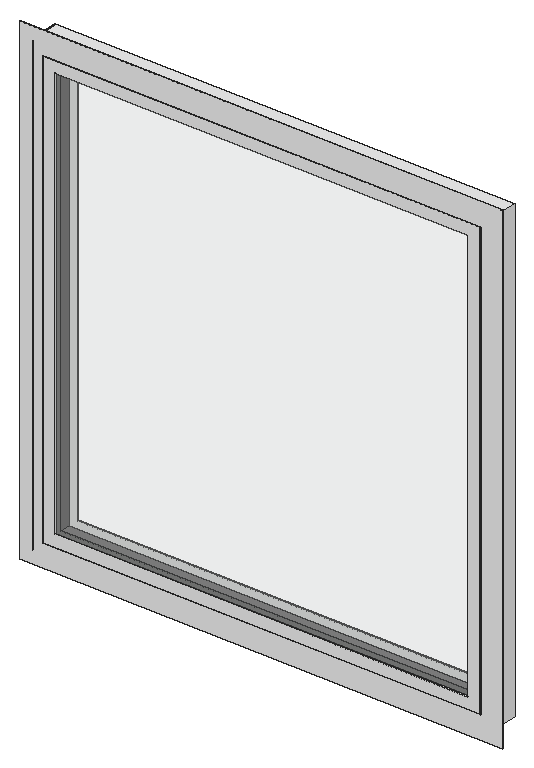
Revit family "Casement_38_F_Side_Hung_Custom", category Windows, host Wall, Revit 2014
Parameters (values of type "Casement_Sash_DG")
  Width Sash [instance] = 30 mm
  Width Sash Inner = 15 mm
  Width Bead = 15 mm
  Top Hung [instance] = yes
  Side Hung Right [instance] = yes
  Side Hung Left [instance] = yes
  Sash Opening Width [instance] = 600 mm
  Sash Opening Height [instance] = 600.312 mm
  Sash Lip = 15 mm
  Glazing Material [instance] = Glass
  DG Start Piece 2 [instance] = DG End Piece 1 + DG Gasket Thickness  # 25 mm
  DG Start Peice 1 [instance] = (Depth Sash - (2 * DG Glazing Thickness) - DG Gasket Thickness) / 2  # 6.6 mm
  Glazing Offset = 5 mm
  DG Glazing Thickness [instance] = 6.4 mm
  DG Gasket Thickness = 12 mm  # constant formula
  DG Gasket Material [instance] = Double Glazing Gasket Material
  DG End Piece 2 [instance] = DG Start Piece 2 + DG Glazing Thickness  # 31.4 mm
  DG End Piece 1 [instance] = DG Start Peice 1 + DG Glazing Thickness  # 13 mm
  Depth Sash [instance] = 38 mm
  Center Vertical Sash [instance] = Sash Opening Height / 2  # 300.156 mm
  Center Horizontal Sash [instance] = Sash Opening Width / 2  # 300 mm
  Bottom Hung [instance] = yes
  Bead Offset = 15 mm
  Aluminium Thickness = 1 mm
  Aluminium Material [instance] = White Powder Coated Aluminium
Reference planes
  plane 1 "Center (Front/Back)": y = 0
  plane 2: z = 0
  plane 3 "Center (Left/Right)": x = 0
Forms (mm)
  Sweep 1, solid, material "White Powder Coated Aluminium" <- "Aluminium Material"
    path origin (16.177, 0, 121.331) x (1, 0, 0) y (0, 0, 1)
      loop
        line (0, 0) -> (600, 0) -> (600, 600.312) -> (0, 600.312) -> (0, 0)
    profile origin (316.177, 0, 121.331) x (0, 0, 1) y (0, -1, 0)
      loop
        line (0, 0) -> (30, 0) -> (30, 1) -> (15, 1) -> (15, 38) -> (-15, 38) -> (-15, 37) -> (0, 37) -> (0, 0)
      loop
        line (14, 1) -> (14, 37) -> (1, 37) -> (1, 1) -> (14, 1)
  Sweep 2, solid, material "White Powder Coated Aluminium" <- "Aluminium Material"
    path origin (0, 0, 0) x (1, 0, 0) y (0, 0, 1)
      loop
        line (31.177, 706.643) -> (31.177, 136.331) -> (601.177, 136.331) -> (601.177, 706.643) -> (31.177, 706.643)
    profile origin (316.177, 0, 706.643) x (0, 0, 1) y (0, -1, 0)
      loop
        line (0, 37) -> (0, 38) -> (-15, 38) -> (-15, 37) -> (0, 37)
  Extrusion 3, solid, material "Glass" <- "Glazing Material"
    sketch origin (0, 0, 0) x (1, 0, 0) y (0, 0, 1)
      loop
        line (36.177, 701.643) -> (36.177, 141.331) -> (596.177, 141.331) -> (596.177, 701.643) -> (36.177, 701.643)
    from 6.6 <- "DG Start Peice 1" to 13 <- "DG End Piece 1"
  Extrusion 4, solid, material "Glass" <- "Glazing Material"
    sketch origin (0, 0, 0) x (1, 0, 0) y (0, 0, 1)
      loop
        line (36.177, 701.643) -> (36.177, 141.331) -> (596.177, 141.331) -> (596.177, 701.643) -> (36.177, 701.643)
    from 31.4 <- "DG End Piece 2" to 25 <- "DG Start Piece 2"
  Sweep 5, solid, material "Double Glazing Gasket Material" <- "DG Gasket Material"
    path origin (0, -13, 0) x (1, 0, 0) y (0, 0, 1)
      loop
        line (36.177, 701.643) -> (36.177, 141.331) -> (596.177, 141.331) -> (596.177, 701.643) -> (36.177, 701.643)
    profile origin (316.177, -13, 701.643) x (0, 0, 1) y (0, -1, 0)
      loop
        line (0, 0) -> (0, 12) -> (-7.96, 12) -> (-7.96, 0) -> (0, 0)
Lines and regions (mm)
  model lines
    curve 1: line (1.177, -38, 736.643) -> (31.177, -38, 706.643)
    curve 2: line (601.177, -38, 706.643) -> (631.177, -38, 736.643)
    curve 3: line (601.177, -38, 136.331) -> (631.177, -38, 106.331)
    curve 4: line (1.177, -38, 106.331) -> (31.177, -38, 136.331)
    curve 5: line (631.177, -37, 736.643) -> (616.177, -37, 721.643)
    curve 6: line (1.177, -37, 736.643) -> (16.177, -37, 721.643)
    curve 7: line (1.177, -37, 106.331) -> (16.177, -37, 121.331)
    curve 8: line (631.177, -37, 106.331) -> (616.177, -37, 121.331)
    curve 9: line (616.177, 0, 121.331) -> (586.177, 0, 151.331)
    curve 10: line (46.177, 0, 151.331) -> (16.177, 0, 121.331)
    curve 11: line (616.177, 0, 721.643) -> (586.177, 0, 691.643)
    curve 12: line (46.177, 0, 691.643) -> (16.177, 0, 721.643)
    curve 13: line (31.177, -38, 691.643) -> (46.177, -38, 691.643)
    curve 14: line (586.177, -38, 691.643) -> (601.177, -38, 691.643)
    curve 15: line (586.177, -38, 151.331) -> (601.177, -38, 151.331)
    curve 16: line (31.177, -38, 151.331) -> (46.177, -38, 151.331)
  model lines, style "GenericModelHiddenLines", visible <- "Top Hung"
    curve 17: line (46.386, -31.4, 690.914) -> (316.177, -31.4, 151.331)
    curve 18: line (316.177, -31.4, 151.331) -> (586.177, -31.4, 691.331)
  model lines, style "GenericModelHiddenLines", visible <- "Bottom Hung"
    curve 19: line (46.177, -31.4, 151.331) -> (316.177, -31.4, 691.331)
    curve 20: line (316.177, -31.4, 691.331) -> (586.177, -31.4, 151.331)
  model lines, style "GenericModelHiddenLines", visible <- "Side Hung Left"
    curve 21: line (46.386, -31.4, 690.914) -> (585.24, -31.4, 421.487)
    curve 22: line (585.24, -31.4, 421.487) -> (46.177, -31.4, 151.331)
  model lines, style "GenericModelHiddenLines", visible <- "Side Hung Right"
    curve 23: line (586.177, -31.4, 691.331) -> (46.177, -31.4, 421.487)
    curve 24: line (46.177, -31.4, 421.487) -> (586.177, -31.4, 151.331)
Dimensions and locks
  "Aluminium Thickness": Sweep 1 sketch curve to Sweep 1 sketch curve  (x4)
  "Depth Sash": Sweep 1 sketch curve to Sweep 1 sketch curve
  "Sash Opening Width": Sweep 1 to Sweep 1
  "Sash Opening Height": Sweep 1 to Sweep 1
  "Width Sash": Sweep 1 sketch curve to Sweep 1 sketch curve  (x2)
  "Width Sash Inner": Sweep 1 sketch curve to Sweep 1 sketch curve
  "Sash Lip": Sweep 1 sketch curve to Sweep 1 sketch curve
  "Aluminium Thickness": Sweep 1 to Sweep 2 sketch curve
  "Glazing Offset": Sweep 2 to Extrusion 3 sketch curve  (x3)
  "Glazing Offset": Extrusion 3 sketch curve to Sweep 2
  Sweep 1 to Sweep 1 = 1 mm
  "Aluminium Thickness": Sweep 2 sketch curve to Sweep 2 sketch curve
  "Width Bead": Sweep 2 sketch curve to Sweep 2 sketch curve
  locked: Sweep 5 sketch curve to Sweep 5 sketch curve at 7.96
  "Center Horizontal Sash": Sweep 1 to curve 18
  "Center Horizontal Sash": Sweep 1 to curve 20
  "Center Vertical Sash": Sweep 1 to curve 22
  "Center Vertical Sash": Sweep 1 to curve 24
  aligned and locked: level to plane 2
  aligned and locked: Sweep 1 sketch curve to Sweep 1 sketch curve  (x2)
  aligned and locked: Sweep 2 sketch curve to Sweep 1  (x5)
  aligned and locked: Extrusion 4 sketch curve to Extrusion 3  (x4)
  aligned and locked: Sweep 5 sketch curve to Extrusion 3  (x5)
  aligned and locked: Extrusion 3 to Sweep 5 sketch curve
Automatic sketch dimensions
  plane 3 "Center (Left/Right)" to Sweep 1 sketch curve = 16.177 mm
  level to Sweep 1 sketch curve = 121.331 mm
  plane 3 "Center (Left/Right)" to Sweep 1 sketch curve = 616.177 mm
  level to Sweep 1 sketch curve = 721.643 mm
  profile plane to Sweep 5 sketch curve = 12 mm
  curve 7 to Sweep 1 = 0 mm  (x4)
  curve 6 to Sweep 1 = 0 mm  (x3)
  Sweep 1 to curve 6 = 0 mm
  curve 5 to Sweep 1 = 0 mm  (x3)
  curve 8 to Sweep 1 = 0 mm  (x4)
  Sweep 1 to curve 5 = 0 mm
  curve 16 to Sweep 2 = 0 mm  (x3)
  curve 13 to Sweep 2 = 0 mm  (x3)
  curve 15 to Sweep 2 = 0 mm
  Sweep 2 to curve 15 = 0 mm  (x2)
  curve 14 to Sweep 2 = 0 mm  (x2)
  Sweep 2 to curve 14 = 0 mm
  curve 1 to Sweep 1 = 0 mm  (x4)
  curve 4 to Sweep 1 = 0 mm  (x3)
  Sweep 1 to curve 4 = 0 mm
  curve 3 to Sweep 1 = 0 mm  (x3)
  curve 2 to Sweep 1 = 0 mm  (x4)
  Sweep 1 to curve 3 = 0 mm
  curve 10 to Sweep 1 = 0 mm  (x4)
  curve 12 to Sweep 1 = 0 mm  (x3)
  Sweep 1 to curve 12 = 0 mm
  curve 9 to Sweep 1 = 0 mm  (x4)
  curve 11 to Sweep 1 = 0 mm  (x3)
  Sweep 1 to curve 11 = 0 mm
  Sweep 1 sketch curve to plane 1 "Center (Front/Back)" = 0 mm
  profile plane to Sweep 1 sketch curve = 0 mm
  curve 21 to Extrusion 4 = 10.208 mm
  curve 19 to Extrusion 4 = 10 mm
  curve 23 to Extrusion 4 = 10 mm  (x2)
  curve 22 to Extrusion 4 = 10.937 mm
  curve 20 to Extrusion 4 = 10 mm
  curve 24 to Extrusion 4 = 10 mm
  curve 22 to Extrusion 4 = 10 mm
  curve 18 to Extrusion 4 = 10 mm
  curve 21 to Extrusion 4 = 10.729 mm
  curve 19 to Extrusion 4 = 10.312 mm
  curve 18 to Extrusion 4 = 10.312 mm
